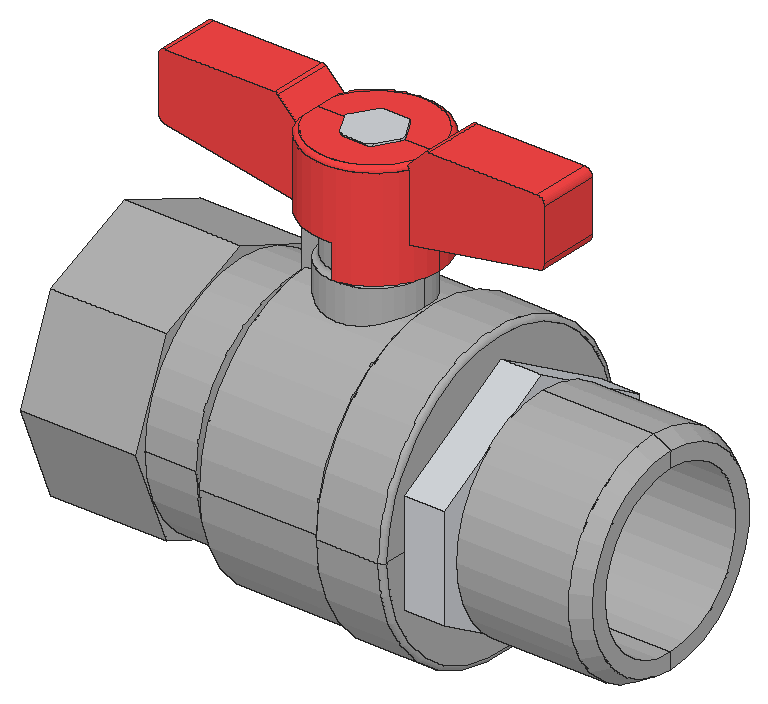
Revit family "QA07250000", category Apparecchi idraulici, Revit 2016
Family settings
  Tipo di parte = Normale
  Quota connettore circolare = Usa diametro
  Numero OmniClass = 23.45.00.00
  Titolo OmniClass = Sanitary, Laundry, and Cleaning Equipment
  Basato su piano di lavoro = No
  Sempre verticale = Sì
  Taglio con vuoti quando caricato = No
  Condiviso = No
  Punto di calcolo locali = No
Parameters
  URL = "https://web.cimberio.it/index.php/figura/1041?subcategoria_id=42417"
  DN Model [instance] = QA07251032 : QA07251032
  DN [instance] = 32 mm
Reference planes
  plane 1 "Centro (Fronte/Retro)": y = 0
  plane 2: z = 0
  plane 3 "Centro (Sinistra/Destra)": x = 0
Dimensions and locks
  aligned and locked: level to plane 2
Nested families
  nested 1: "QA07251032" at (0, 0, 0), type <- "DN Model", type "QA07251032"
  nested 2: "QA07251032" at (0, 0, 0), type <- "DN Model", type "QA07251032"
  nested 3: "QA07251032" at (0, 0, 0), type <- "DN Model", type "QA07251032"
  nested 4: "QA07251032" at (0, 0, 0), type <- "DN Model", type "QA07251032"
  nested 5: "QA07251032" at (0, 0, 0), type <- "DN Model", type "QA07251032"
  nested 6: "QA07251032" at (0, 0, 0), type <- "DN Model", type "QA07251032"
  nested 7: "QA07251032" at (0, 0, 0), type <- "DN Model", type "QA07251032"
  nested 8: "QA07251032" at (0, 0, 0), type <- "DN Model", type "QA07251032"
Connectors
  piping at (57.35, 0, 0), diameter 32, driven by "DN"
    settings: on nested 1, index 1, connector inside diameter 609.6 mm, connector length 0 mm, flow factor 0, pipe flow 0.0 L/s, pressure drop 0.0 Pa, fitting loss kfactor 0, connector angle 0.00°, fixture units 0, engagement length 0 mm, angle of deflection 0.00°, flow configuration 0, flow direction 0, fitting loss method 0, system type 7, joint type 0, gender type 0, connector reference index -1, connector utility 0, adjustable connector no, is connector primary yes, connector description ""
  piping at (-48.5, 0, 0), diameter 32, driven by "DN"
    settings: on nested 1, index 2, connector inside diameter 609.6 mm, connector length 0 mm, flow factor 0, pipe flow 0.0 L/s, pressure drop 0.0 Pa, fitting loss kfactor 0, connector angle 0.00°, fixture units 0, engagement length 0 mm, angle of deflection 0.00°, flow configuration 0, flow direction 0, fitting loss method 0, system type 7, joint type 0, gender type 0, connector reference index -1, connector utility 0, adjustable connector no, is connector primary no, connector description ""
Definition of nested family "QA07251032"
  Reference planes
    plane 1 "Centro (Fronte/Retro)": y = 0
    plane 2: z = 0
    plane 3 "Centro (Sinistra/Destra)": x = 0
  Forms (mm)
    Revolve 1, solid
      sketch origin (0, 0, 0) x (1, 0, 0) y (0, 1, 0)
        loop
          line (-26, 16) -> (24.35, 16) -> (24.35, 27.5)
          arc (24.35, 27.5) -> (24.057, 28.207) -> (23.35, 28.5) r 1
          line (23.35, 28.5) -> (11.45, 28.5) -> (10.45, 27.5) -> (-12.05, 27.5) -> (-16.05, 23.5) -> (-26, 23.5) -> (-26, 16)
        axis (-26, 0) -> (24.35, 0)
      angle from 0 to 360
    Revolve 2, solid
      sketch origin (10.75, 0, 0) x (1, 0, 0) y (0, 0, 1)
        loop
          line (43.41, 20.848) -> (21.6, 20.848) -> (21.6, 16) -> (46.6, 16) -> (46.6, 18.967) -> (43.41, 20.848)
        axis (46.6, 0) -> (21.6, 0)
      angle from 0 to 360
    Revolve 3, solid
      sketch origin (0, 0, 18.264) x (1, 0, 0) y (0, 0, 1)
        loop
          line (0.073, 22.865) -> (0.073, 7.405) -> (9.732, 7.405) -> (9.732, 14.289)
          arc (9.732, 14.289) -> (9.04, 14.576) -> (8.754, 15.268) r 0.978
          line (8.754, 15.268) -> (8.754, 22.865) -> (0.073, 22.865)
        axis (0.073, 7.405) -> (0.073, 22.865)
      angle from 0 to 360
    Extrusion 4, solid
      sketch origin (0, 0, 6.25) x (1, 0, 0) y (0, 0, 1)
        loop
          line (-12.996, 30.998) -> (-12.996, 10.093) -> (-7.365, 10.093) -> (-7.365, 30.998) -> (-12.996, 30.998)
      from 0 to 1.559
    Revolve 5, solid
      sketch origin (0, 0, 20.109) x (1, 0, 0) y (0, 0, 1)
        loop
          line (0, 34.943) -> (0, 14.439) -> (12.504, 14.439) -> (12.504, 34.045)
          arc (12.504, 34.045) -> (12.241, 34.68) -> (11.606, 34.943) r 0.898
          line (11.606, 34.943) -> (0, 34.943)
        axis (0, 34.943) -> (0, 14.439)
      angle from 0 to 360
    Extrusion 6, void
      sketch origin (0, 0, 19.796) x (1, 0, 0) y (0, 1, 0)
        loop
          line (-7.75, 0) -> (-13.081, 0)
          arc (-13.081, 0) -> (-9.313, -10.74) -> (1.6, -13.973) r 12.5
          line (1.6, -13.973) -> (1.6, -7.583)
          arc (1.6, -7.583) -> (-4.882, -6.019) -> (-7.75, 0) r 7.75
      from 13.293 to 21.333
    Extrusion 7, solid
      sketch origin (0, 0, 17.144) x (1, 0, 0) y (0, 1, 0)
        loop
          line (-5.463, -0.544) -> (-3.204, -4.455)
          arc (-3.204, -4.455) -> (-2.804, -4.856) -> (-2.256, -5.003) r 1.095
          line (-2.256, -5.003) -> (2.244, -5.003)
          arc (2.244, -5.003) -> (2.802, -4.853) -> (3.21, -4.445) r 1.116
          line (3.21, -4.445) -> (5.469, -0.532)
          arc (5.469, -0.532) -> (5.612, 0) -> (5.469, 0.532) r 1.064
          line (5.469, 0.532) -> (3.219, 4.429)
          arc (3.219, 4.429) -> (2.8, 4.849) -> (2.226, 5.003) r 1.147
          line (2.226, 5.003) -> (-2.274, 5.003)
          arc (-2.274, 5.003) -> (-2.806, 4.86) -> (-3.195, 4.47) r 1.064
          line (-3.195, 4.47) -> (-5.463, 0.544)
          arc (-5.463, 0.544) -> (-5.608, 0) -> (-5.463, -0.544) r 1.088
      from 37.3 to 38.172
    Extrusion 8, solid
      sketch origin (0, 0, 18.748) x (1, 0, 0) y (0, 0, 1)
        loop
          arc (-35.996, 39.8) -> (-37.057, 39.361) -> (-37.496, 38.3) r 1.5
          line (-37.496, 38.3) -> (-37.496, 28.279)
          arc (-37.496, 28.279) -> (-37.145, 27.313) -> (-36.256, 26.8) r 1.502
          line (-36.256, 26.8) -> (-8.891, 21.975) -> (-7.682, 32.893) -> (-14.295, 39.507)
          arc (-14.295, 39.507) -> (-14.62, 39.724) -> (-15.002, 39.8) r 1
          line (-15.002, 39.8) -> (-35.996, 39.8)
        loop
          line (35.996, 39.8) -> (15.002, 39.8)
          arc (15.002, 39.8) -> (14.62, 39.724) -> (14.295, 39.507) r 1
          line (14.295, 39.507) -> (7.682, 32.893) -> (8.891, 21.975) -> (36.256, 26.8)
          arc (36.256, 26.8) -> (37.145, 27.313) -> (37.496, 28.279) r 1.502
          line (37.496, 28.279) -> (37.496, 38.3)
          arc (37.496, 38.3) -> (37.057, 39.361) -> (35.996, 39.8) r 1.5
      from -5.812 to 5.689
    Extrusion 9, solid
      sketch origin (0, 0, 0) x (0, 1, 0) y (0, 0, 1)
        loop
          circle (0, 0) r 16
        loop
          line (0, 25.45) -> (-17.996, 17.996) -> (-25.45, 0) -> (-17.996, -17.996) -> (0, -25.45) -> (17.996, -17.996) -> (25.45, 0) -> (17.996, 17.996) -> (0, 25.45)
      from -48.5 to -26
    Extrusion 10, solid
      sketch origin (0, 0, 0) x (0, 1, 0) y (0, 0, 1)
        loop
          circle (0, 0) r 16
        loop
          line (0, 23.5) -> (-23.5, 9.932) -> (-23.5, -9.932) -> (0, -23.5) -> (23.481, -9.943) -> (23.481, 9.943) -> (0, 23.5)
      from 23.35 to 32.35
  Cuts and joins
    Extrusion 6 cuts Revolve 5
  Dimensions and locks
    aligned and locked: level to plane 2
